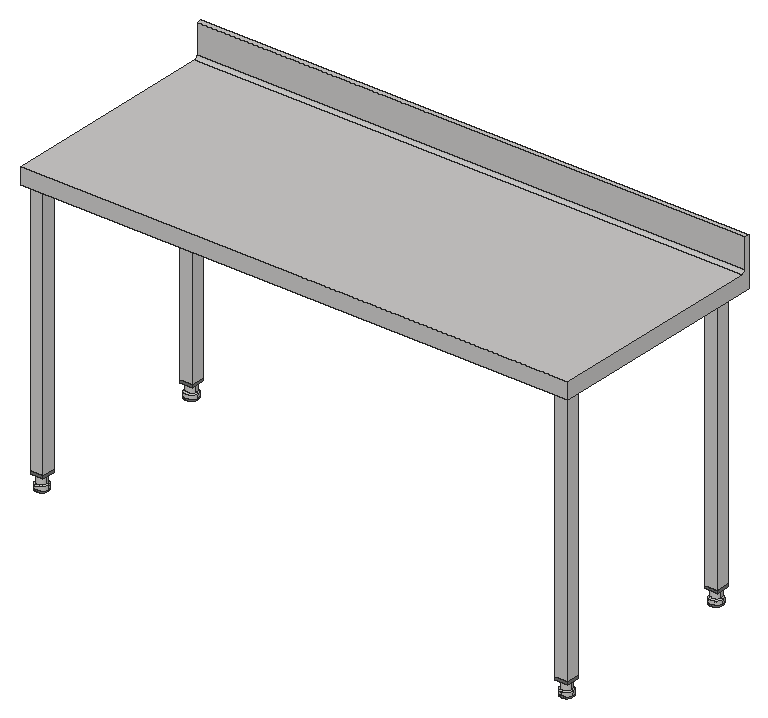
Revit family "QF_ELECTROLUXPROFESSIONAL_133235_TG1710N", category Attrezzature speciali, Revit 2020
Family settings
  Quota connettore circolare = Usa diametro
  Tipo di parte = Normale
  Basato su piano di lavoro = No
  Sempre verticale = Sì
  Taglio con vuoti quando caricato = No
  Condiviso = No
  Punto di calcolo locali = No
Parameters (values of type "Standard")
  Weight = 52.00 kg
  Watts = 0 W
  Volts = 0 V
  URL Manufacturer = "https://www.electroluxprofessional.com/"
  URL = "https://www.electroluxprofessional.com/"
  Steam Supply Size = 0 mm
  Steam Supply Minimum Pressure = 0.0 Pa
  Steam Supply Maximum Pressure = 0.0 Pa
  Steam Consumption per Hour = 0
  Refrigeration Suction Line Size = 0.0 mm
  Refrigeration Liquid Line Size = 0.0 mm
  Refrigerant Compressor Remote = yes
  Prospetto di default = 0.0 mm
  Produttore = "Electrolux Professional"
  Phase = 0
  Modello = "TG1710N"
  Length Actual = 1700.0 mm  # constant formula
  Item Number = "133235"
  Hot Water Size = 0 mm
  Height Actual = 1000.0 mm  # constant formula
  HP = "0 HP"
  Gas Size = 0 mm
  Gas KW = 0
  Gas Input Pressure = 0 W
  Direct Waste Size = 0 mm
  Descrizione = "WORK TABLE WITH UPSTAND 1700 MM"
  Depth Actual = 700.0 mm  # constant formula
  Cycle = 0 Hz
  Condensate Return Size = 0 mm
  Compressed Air Volume = 0.0 L/s
  Compressed Air Size = 0 mm
  Compressed Air Pressure = 0.0 Pa
  Cold Water Size = 0 mm
  Accessory = yes
Reference planes
  plane 1 "Center (Front/Back)": y = 0
  plane 2: z = 0
  plane 3 "Center (Left/Right)": x = -350
  plane 4 "LEFT": x = -1200
  plane 5 "RIGHT": x = 500
  plane 6 "BACK": y = 350
  plane 7 "FRONT": y = -350
  plane 8 "Base": z = 850
  plane 9 "TOP": z = 900
  plane 10: x = -1164.5
  plane 11: x = 464.5
  plane 12: y = 269.5
  plane 13: y = -310.5
Forms (mm)
  Extrusion 1, solid, material "QF_Finishes_Stainless Steel"
    sketch origin (-350, 0, 0) x (0, 1, 0) y (0, 0, 1)
      loop
        line (-350, 850) -> (350, 850) -> (350, 1000) -> (337, 1000) -> (337, 910)
        arc (337, 910) -> (334.071, 902.929) -> (327, 900) r 10
        line (327, 900) -> (-350, 900) -> (-350, 850)
    from 850 to -850
Lines and regions (mm)
  symbolic lines
    curve 1: line (500, 350, 900) -> (-1200, 350, 900)
    curve 2: line (-1200, 350, 900) -> (-1200, -350, 900)
    curve 3: line (-1200, -350, 900) -> (500, -350, 900)
    curve 4: line (500, -350, 900) -> (500, 350, 900)
    curve 5: line (500, 337, 900) -> (-1200, 337, 900)
Dimensions and locks
  plane 4 "LEFT" to plane 5 "RIGHT" = 1700.0 mm
  equal spacing: plane 4 "LEFT", plane 3 "Center (Left/Right)", plane 5 "RIGHT"
  locked: plane 8 "Base" to level at 850
  plane 4 "LEFT" to plane 10 = 35.5 mm
  plane 11 to plane 5 "RIGHT" = 35.5 mm
  plane 10 to plane 11 = 1629.0 mm
  locked: Extrusion 1 to level at 1000
  plane 9 "TOP" to level = 900.0 mm
  plane 6 "BACK" to plane 12 = 80.5 mm
  plane 13 to plane 7 "FRONT" = 39.5 mm
  plane 6 "BACK" to plane 7 "FRONT" = 700.0 mm
  plane 12 to plane 13 = 580.0 mm
  equal spacing: plane 6 "BACK", plane 1 "Center (Front/Back)", plane 7 "FRONT"
  aligned and locked: level to plane 2
  aligned and locked: plane 10 to nested 1
  aligned and locked: nested 1 to plane 13
  aligned and locked: plane 11 to nested 2
  aligned and locked: nested 2 to plane 13
  aligned and locked: plane 11 to nested 4
  aligned and locked: nested 4 to plane 12
  aligned and locked: plane 10 to nested 3
  aligned and locked: nested 3 to plane 12
  aligned and locked: Extrusion 1 to plane 4 "LEFT"
  aligned and locked: plane 5 "RIGHT" to Extrusion 1
  aligned and locked: curve 2 to plane 4 "LEFT"
Automatic sketch dimensions
  Extrusion 1 sketch curve to plane 7 "FRONT" = 0.0 mm
  Extrusion 1 sketch curve to plane 9 "TOP" = 0.0 mm
  Extrusion 1 sketch curve to plane 6 "BACK" = 0.0 mm
  Extrusion 1 sketch curve to plane 8 "Base" = 0.0 mm
  plane 9 "TOP" to Extrusion 1 sketch curve = 10.0 mm
  Extrusion 1 sketch curve to plane 6 "BACK" = 13.0 mm
  Extrusion 1 sketch curve to Extrusion 1 sketch curve = 90.0 mm
  curve 3 to plane 7 "FRONT" = 0.0 mm
  curve 5 to plane 5 "RIGHT" = 0.0 mm
  curve 4 to plane 6 "BACK" = 0.0 mm
  curve 5 to plane 6 "BACK" = 13.0 mm
Nested families
  nested 1: "FEET_40x40_APP42" at (-1164.5, -310.5, 0), type "FEET_40x40_APP42"
  nested 2: "FEET_40x40_APP42" at (464.5, -310.5, 0), type "FEET_40x40_APP42"
  nested 3: "FEET_40x40_APP42" at (-1164.5, 269.5, 0), type "FEET_40x40_APP42"
  nested 4: "FEET_40x40_APP42" at (464.5, 269.5, 0), type "FEET_40x40_APP42"
Definition of nested family "FEET_40x40_APP42"
  Parameters
    Default Elevation = 0.0 mm
    FEET = 850.0 mm
  Reference planes
    plane 1 "Center (Front/Back)": y = 0
    plane 2: z = 0
    plane 3 "Center (Left/Right)": x = 0
    plane 4: z = 850
  Forms (mm)
    Extrusion 1, solid
      sketch origin (0, 0, 0) x (1, 0, 0) y (0, 1, 0)
        loop
          line (-20, -20) -> (20, -20) -> (20, 20) -> (-20, 20) -> (-20, -20)
      from 50 to 845
    Extrusion 2, solid
      sketch origin (0, 0, 0) x (1, 0, 0) y (0, 1, 0)
        loop
          circle (0, 0) r 20
      from 0 to 5
    Extrusion 3, solid
      sketch origin (0, 0, 0) x (1, 0, 0) y (0, 1, 0)
        loop
          line (30, 30) -> (-30, 30) -> (-30, -30) -> (30, -30) -> (30, 30)
      from 845 to 850
    Extrusion 4, solid
      sketch origin (0, 0, 0) x (1, 0, 0) y (0, 1, 0)
        loop
          line (-20, -20) -> (20, -20) -> (20, 20) -> (-20, 20) -> (-20, -20)
      from 50 to 42
    Revolve 5, solid
      sketch origin (0, 0, 0) x (1, 0, 0) y (0, 0, 1)
        loop
          line (0, 42) -> (-15, 42) -> (-15, 20) -> (-20, 15) -> (-20, 5) -> (0, 5) -> (0, 42)
        axis (0, 42) -> (0, 5)
      angle from 0 to 360
  Lines and regions (mm)
    symbolic lines
      curve 1: line (0, -1.503, 0) -> (0, 1.508, 0)
      curve 2: line (1.561, 0, 0) -> (-1.439, 0, 0)
  Dimensions and locks
    "FEET": plane 4 to plane 2
    aligned and locked: level to plane 2
  Automatic sketch dimensions
    plane 1 "Center (Front/Back)" to curve 2 = 0.0 mm
    curve 1 to plane 3 "Center (Left/Right)" = 0.0 mm
    curve 2 to plane 3 "Center (Left/Right)" = 1.439 mm
    plane 3 "Center (Left/Right)" to curve 2 = 1.561 mm
    plane 1 "Center (Front/Back)" to curve 1 = 1.503 mm
    curve 1 to plane 1 "Center (Front/Back)" = 1.508 mm
    Extrusion 1 sketch curve to plane 3 "Center (Left/Right)" = 20.0 mm
    plane 3 "Center (Left/Right)" to Extrusion 1 sketch curve = 20.0 mm
    plane 1 "Center (Front/Back)" to Extrusion 1 sketch curve = 20.0 mm
    Extrusion 1 sketch curve to plane 1 "Center (Front/Back)" = 20.0 mm
    plane 1 "Center (Front/Back)" to Extrusion 2 sketch curve = 0.0 mm
    Extrusion 2 sketch curve to plane 3 "Center (Left/Right)" = 0.0 mm
    Extrusion 3 sketch curve to plane 3 "Center (Left/Right)" = 30.0 mm
    plane 3 "Center (Left/Right)" to Extrusion 3 sketch curve = 30.0 mm
    plane 1 "Center (Front/Back)" to Extrusion 3 sketch curve = 30.0 mm
    Extrusion 3 sketch curve to plane 1 "Center (Front/Back)" = 30.0 mm
    Extrusion 4 sketch curve to plane 3 "Center (Left/Right)" = 20.0 mm
    plane 3 "Center (Left/Right)" to Extrusion 4 sketch curve = 20.0 mm
    plane 1 "Center (Front/Back)" to Extrusion 4 sketch curve = 20.0 mm
    Extrusion 4 sketch curve to plane 1 "Center (Front/Back)" = 20.0 mm
    Revolve 5 sketch curve to plane 3 "Center (Left/Right)" = 0.0 mm  (x2)
    Revolve 5 sketch curve to plane 3 "Center (Left/Right)" = 15.0 mm
    Revolve 5 sketch curve to Revolve 5 sketch curve = 5.0 mm  (x3)
    level to Revolve 5 sketch curve = 5.0 mm
    Revolve 5 sketch curve to Revolve 5 sketch curve = 10.0 mm
    Revolve 5 sketch curve to Revolve 5 sketch curve = 22.0 mm
    Revolve 5 sketch curve to level = 9.561 mm
    radius of Extrusion 2 sketch curve = 20.0 mm
